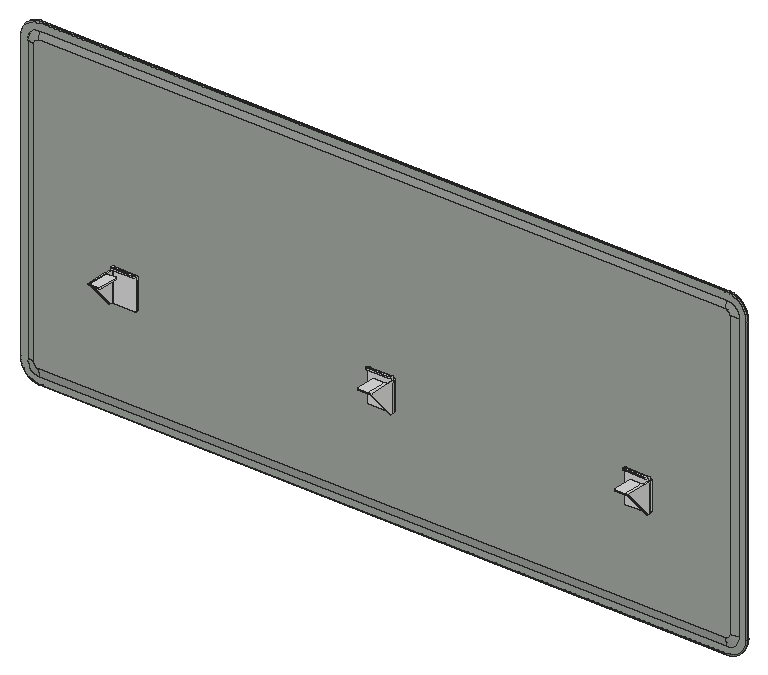
Revit family "Desk_Screens-Teknion-CQCND_Routes_Infinity_Desk_Edge_Screen-R2018", category Furniture, Revit 2018
Family settings
  OmniClass Number = 23.40.20.00
  OmniClass Title = General Furniture and Specialties
  Work Plane-Based = No
  Always vertical = Yes
  Cut with Voids When Loaded = No
  Shared = Yes
  Room Calculation Point = No
Parameters (values of type "Modesty Height, 47" Datum Height")
  Width [instance] = 72.000"
  Warranty = "http://www.teknion.com/ca/papers/legal-canada"
  Unit Weight URL = "http://www.teknion.com/ca/tools/assets#&asset=bee6a381-b954-425e-8283-5a2de3a804f2,f828d448-4b62-4231-9e5f-9a8991c0ed77"
  URL = "www.teknion.com"
  To render please download texture images found here [instance] = "https://assets.teknion.com/web/5e81352c1dfdb467/revit-material-swatches/"
  Third Bracket Visibility [instance] = not(Width = 48.000")  # yes
  Sustainability Data = "https://www.teknion.com/ca/tools/assets#&topic=216f99a5-57a0-44fc-b10a-9dee9b29ae4c&asset=444deb64-fe58-4b68-981e-f75e97781df7,b4ff2d81-9f2e-437d-9659-7cffb09c31cf"
  Series = "Routes"  # constant formula
  Screen Finish [instance] = Fabric - Teknion - S149 - Stimuli - Tactile
  Product Page URL = "https://www.teknion.com/ca/products/all-products"
  Product Line = "Routes"  # constant formula
  Product Documentation Link = "https://assets.teknion.com/m/72af4764f50e983c/original/Routes-Reference-Guide.pdf"
  Part Number = "CQCND"  # constant formula
  Modesty Base Height = 15.000"
  Model = "CQCNDM47__"
  Manufacturer Phone = "416-661-3370"  # constant formula
  Manufacturer Fax = "416.661.4586"  # constant formula
  Manufacturer Contact Information = "http://www.teknion.com/ca/contactus"
  Manufacturer Address = "1150 Flint Road, Toronto, ON. M3J 2J5. Canada"  # constant formula
  Manufacturer = "Teknion"  # constant formula
  How To Use Teknion Materials User Guide [instance] = "https://assets.teknion.com/m/205dd0a49fa58060/original/How-to-add-a-Material-Library-and-Texture-Images-to-your-Revit-project.pdf"
  Hardware Finish [instance] = Paint - Teknion - Mica - Arctic
  For Additional Finishes please visit [instance] = "https://assets.teknion.com/m/44a8009b046e5d47/original/Teknion_Materials_Library.zip"
  Description = "Routes Infinity Desk Edge Screen, Modesty Height, 47\" Datum Height"
  Datum Height = 47.000"
  Connection Node Visibility [instance] = yes
  Available Widths [instance] = "48\", 60\", and 72\""  # constant formula
  Assembly Code = "E2020200"
  Actual Width [instance] = Width - 0.500"  # 71.500"
Types (5): name | Screen Finish | Modesty Base Height | Model | Description | Datum Height
  (no name) | Fabric - Teknion - S149 - Stimuli - Tactile | 15.000" | "CQCNDM47__" | "Routes Infinity Desk Edge Screen, Modesty Height, 47\" Datum Height" | 47.000"
  Partial Modesty Height, 47" Datum Height | Fabric - Teknion - S151 - Stimuli - Euphoria | 23.000" | "CQCNDS47__" | "Routes Infinity Desk Edge Screen, Partial Modesty Height, 47\" Datum Height" | 47.000"
  Partial Modesty Height, 42" Datum Height | Fabric - Teknion - S151 - Stimuli - Euphoria | 23.000" | "CQCNDS42__" | "Routes Infinity Desk Edge Screen, Partial Modesty Height, 42\" Datum Height" | 42.000"
  Modesty Height, 42" Datum Height | Fabric - Teknion - S151 - Stimuli - Euphoria | 15.000" | "CQCNDM42__" | "Routes Infinity Desk Edge Screen, Modesty Height, 42\" Datum Height" | 42.000"
  Modesty Height, 47" Datum Height | Fabric - Teknion - S149 - Stimuli - Tactile | 15.000" | "CQCNDM47__" | "Routes Infinity Desk Edge Screen, Modesty Height, 47\" Datum Height" | 47.000"
Reference planes (in)
  plane 1 "Center Front/Back": y = 0
  plane 2: z = 0
  plane 3 "Center Left/Right": x = 0
  plane 4 "Left": x = -35.75
  plane 5 "Right": x = 35.75
  plane 6 "Back": y = 1.00013
  plane 7 "Front": y = -2.607
  plane 8 "Top": z = 47
  plane 9: z = 15
Forms (in)
  Sweep 1, void
    path origin (-19.0218, 1, 0) x (-1, 0, 0) y (0, 0, 1)
      loop
        line (14.76332, 47) -> (-52.80693, 47)
        arc (-52.80693, 47) -> (-54.19631, 46.4245) -> (-54.7718, 45.03513) r 1.96487
        line (-54.7718, 45.03513) -> (-54.7718, 16.9643)
        arc (-54.7718, 16.9643) -> (-54.19647, 15.57533) -> (-52.8075, 15) r 1.9643
        line (-52.8075, 15) -> (14.76389, 15)
        arc (14.76389, 15) -> (16.15286, 15.57533) -> (16.7282, 16.9643) r 1.9643
        line (16.7282, 16.9643) -> (16.7282, 45.03513)
        arc (16.7282, 45.03513) -> (16.1527, 46.4245) -> (14.76332, 47) r 1.96487
    profile origin (0, 1, 47) x (0, 0, -1) y (0, 1, 0)
      loop
        line (0.06135, -0.122) -> (0.75035, -0.122) -> (1.50035, 0) -> (1.50035, 0.1) -> (-0.958, 0.1) -> (-0.958, -0.592) -> (1.50035, -0.592) -> (1.50035, -0.492) -> (0.75035, -0.366) -> (0.06135, -0.366)
        arc (0.06135, -0.366) -> (0.00035, -0.305) -> (0.06135, -0.244) r 0.061
        arc (0.06135, -0.244) -> (0.00035, -0.183) -> (0.06135, -0.122) r 0.061
  Sweep 2, solid, material "Fabric - Teknion - S149 - Stimuli - Tactile" <- "Screen Finish"
    path origin (-19.0218, -9.14874, 0) x (1, 0, 0) y (0, 1, 0)
      loop
        line (19.0218, 10.14874) -> (19.0218, 9.65674)
    profile origin (0, 0.754, 0) x (1, 0, 0) y (0, 0, 1)
      loop
        line (33.78513, 47) -> (-33.78513, 47)
        arc (-33.78513, 47) -> (-35.1745, 46.4245) -> (-35.75, 45.03513) r 1.96487
        line (-35.75, 45.03513) -> (-35.75, 16.9643)
        arc (-35.75, 16.9643) -> (-35.17467, 15.57533) -> (-33.7857, 15) r 1.9643
        line (-33.7857, 15) -> (33.7857, 15)
        arc (33.7857, 15) -> (35.17467, 15.57533) -> (35.75, 16.9643) r 1.9643
        line (35.75, 16.9643) -> (35.75, 45.03513)
        arc (35.75, 45.03513) -> (35.1745, 46.4245) -> (33.78513, 47) r 1.96487
Cuts and joins
  Sweep 1 cuts Sweep 2
Lines and regions (in)
  Masking region 1
    outline origin (0, 0, 0) x (1, 0, 0) y (0, 1, 0)
      loop
        line (-34.24965, 1) -> (-34.99965, 0.878) -> (34.99965, 0.878) -> (34.24965, 1) -> (-34.24965, 1)
      loop
        line (-34.24965, 0.512) -> (34.24965, 0.512) -> (34.99965, 0.634) -> (-34.99965, 0.634) -> (-34.24965, 0.512)
  Masking region 2
    outline origin (0, 0, 0) x (1, 0, 0) y (0, 1, 0)
      loop
        arc (-35.68865, 0.756) -> (-35.74965, 0.695) -> (-35.68865, 0.634) r 0.061
        line (-35.68865, 0.634) -> (35.68865, 0.634)
        arc (35.68865, 0.634) -> (35.74965, 0.695) -> (35.68865, 0.756) r 0.061
        line (35.68865, 0.756) -> (-35.68865, 0.756)
  Masking region 3
    outline origin (0, 0.122, 0) x (1, 0, 0) y (0, 1, 0)
      loop
        arc (-35.68865, 0.756) -> (-35.74965, 0.695) -> (-35.68865, 0.634) r 0.061
        line (-35.68865, 0.634) -> (35.68865, 0.634)
        arc (35.68865, 0.634) -> (35.74965, 0.695) -> (35.68865, 0.756) r 0.061
        line (35.68865, 0.756) -> (-35.68865, 0.756)
  reference lines
    curve 1: line (-35.75, 1.00013, 0) -> (-35.75, -2.607, 0)
    curve 2: line (35.75, 1.00013, 0) -> (35.75, -2.607, 0)
Dimensions and locks (in)
  "Actual Width": plane 4 "Left" to plane 5 "Right"
  plane 6 "Back" to plane 7 "Front" = 3.60713"
  "Datum Height": plane 8 "Top" to level
  equal spacing: plane 4 "Left", plane 3 "Center Left/Right", plane 5 "Right"
  plane 7 "Front" to plane 1 "Center Front/Back" to plane 6 "Back" = 2.607" locked, 1.00013"
  "Modesty Base Height": plane 9 to level
  nested 1 to nested 2 to nested 3 to level = 0.000" locked, 0.000", 28.250" locked
  plane 1 "Center Front/Back" to nested 1 to nested 2 to nested 3 = 0.000" locked, 0.000" locked, 0.000"
  locked: plane 4 "Left" to nested 1 at 9.233
  locked: nested 3 to plane 5 "Right" at 9.233
  plane 6 "Back" to Sweep 2 sketch curve to Sweep 2 sketch curve = 0.00013", 0.492"
  Sweep 1 sketch curve to profile plane to Sweep 1 sketch curve to Sweep 1 sketch curve to Sweep 1 sketch curve to Sweep 1 sketch curve to Sweep 1 sketch curve to Sweep 1 sketch curve = 0.958" locked, 0.06135" locked, 0.000" locked, 0.689" locked, 0.000" locked, 0.750" locked, 0.000" locked
  Sweep 1 sketch curve to profile plane to Sweep 1 sketch curve to Sweep 1 sketch curve to Sweep 1 sketch curve to Sweep 1 sketch curve to Sweep 1 sketch curve to Sweep 1 sketch curve to Sweep 1 sketch curve = 0.100" locked, 0.000" locked, 0.122" locked, 0.061" locked, 0.122" locked, 0.061" locked, 0.126" locked, 0.100" locked
  locked: Masking region 1 sketch curve to Masking region 1 sketch curve at 0.75  (x2)
  plane 4 "Left" to Masking region 1 sketch curve to Masking region 1 sketch curve to Masking region 1 sketch curve to Masking region 1 sketch curve = 0.75035" locked, 0.000" locked, 0.750" locked, 0.000" locked
  Masking region 1 sketch curve to Masking region 1 sketch curve to Masking region 1 sketch curve to Masking region 1 sketch curve to plane 5 "Right" = 0.000" locked, 0.750" locked, 0.000" locked, 0.75035" locked
  plane 1 "Center Front/Back" to Masking region 1 sketch curve to Masking region 1 sketch curve to Masking region 1 sketch curve to Masking region 1 sketch curve = 0.512" locked, 0.122" locked, 0.244" locked, 0.122" locked
  plane 6 "Back" to Masking region 2 sketch curve to Masking region 2 sketch curve = 0.24413" locked, 0.122" locked
  locked: plane 4 "Left" to Masking region 2 sketch curve at 0.06135
  locked: Masking region 2 sketch curve to plane 5 "Right" at 0.06135
  plane 6 "Back" to Masking region 3 sketch curve to Masking region 3 sketch curve = 0.12213" locked, 0.122" locked
  locked: plane 4 "Left" to Masking region 3 sketch curve at 0.06135
  locked: Masking region 3 sketch curve to plane 5 "Right" at 0.06135
  aligned and locked: level to plane 2
  aligned and locked: nested 2 to plane 3 "Center Left/Right"
  aligned and locked: plane 1 "Center Front/Back" to nested 4
  aligned and locked: plane 3 "Center Left/Right" to nested 4
  aligned and locked: curve 1 to plane 4 "Left"
  aligned and locked: curve 2 to plane 5 "Right"
  aligned and locked: Sweep 2 sketch curve to plane 3 "Center Left/Right"
  aligned and locked: plane 8 "Top" to Sweep 2 sketch curve
  aligned and locked: plane 5 "Right" to Sweep 2 sketch curve
  aligned and locked: Sweep 2 sketch curve to plane 4 "Left"
  aligned and locked: Sweep 2 sketch curve to plane 9
  aligned and locked: plane 8 "Top" to Sweep 1 sketch curve
  aligned and locked: Sweep 1 sketch curve to plane 5 "Right"
  aligned and locked: plane 4 "Left" to Sweep 1 sketch curve
  aligned and locked: Sweep 1 sketch curve to plane 9
Automatic sketch dimensions
  plane 7 "Front" to curve 1 = 0.000"
  plane 7 "Front" to curve 2 = 0.000"
  curve 2 to plane 6 "Back" = 0.000"
  curve 1 to plane 6 "Back" = 0.000"
  Sweep 1 sketch curve to Sweep 1 sketch curve = 1.9643"
  plane 5 "Right" to Sweep 1 sketch curve = 1.96487"
  plane 4 "Left" to Sweep 1 sketch curve = 1.96487"
  plane 4 "Left" to Sweep 1 sketch curve = 1.9643"
  Sweep 2 sketch curve to Sweep 2 sketch curve = 1.9643"  (x2)
  Sweep 2 sketch curve to Sweep 2 sketch curve = 1.96487"  (x2)
Nested families (in)
  nested 1: "Accessories-Teknion-Routes_Hardware-R2018" at (-25.267, 0, 25), Hardware Finish <- "Hardware Finish", type "Desk Edge Screen Hardware"
    with To render please download texture images found here "https://assets.teknion.com/web/5e81352c1dfdb467/revit-material-swatches/", How To Use Teknion Materials User Guide "https://assets.teknion.com/m/205dd0a49fa58060/original/How-to-add-a-Material-Library-and-Texture-Images-to-your-Revit-project.pdf", Hardware Finish Paint - Teknion - Mica - Arctic, For Additional Finishes please visit "https://assets.teknion.com/m/44a8009b046e5d47/original/Teknion_Materials_Library.zip"
  nested 2: "Accessories-Teknion-Routes_Hardware-R2018" at (0, 0, 25) x (-1, 0, 0) z (0, 0, 1), Hardware Finish <- "Hardware Finish", visible <- "Third Bracket Visibility", type "Desk Edge Screen Hardware"
    with To render please download texture images found here "https://assets.teknion.com/web/5e81352c1dfdb467/revit-material-swatches/", How To Use Teknion Materials User Guide "https://assets.teknion.com/m/205dd0a49fa58060/original/How-to-add-a-Material-Library-and-Texture-Images-to-your-Revit-project.pdf", Hardware Finish Paint - Teknion - Mica - Arctic, For Additional Finishes please visit "https://assets.teknion.com/m/44a8009b046e5d47/original/Teknion_Materials_Library.zip"
  nested 3: "Accessories-Teknion-Routes_Hardware-R2018" at (25.267, 0, 25) x (-1, 0, 0) z (0, 0, 1), Hardware Finish <- "Hardware Finish", type "Desk Edge Screen Hardware"
    with To render please download texture images found here "https://assets.teknion.com/web/5e81352c1dfdb467/revit-material-swatches/", How To Use Teknion Materials User Guide "https://assets.teknion.com/m/205dd0a49fa58060/original/How-to-add-a-Material-Library-and-Texture-Images-to-your-Revit-project.pdf", Hardware Finish Paint - Teknion - Mica - Arctic, For Additional Finishes please visit "https://assets.teknion.com/m/44a8009b046e5d47/original/Teknion_Materials_Library.zip"
  nested 4: "Teknion_2D_Node_Family-R2016" at (0, 0, 0), visible <- "Connection Node Visibility", type "Teknion_2D_Node_Family-R2016"
Definition of nested family "Accessories-Teknion-Routes_Hardware-R2018"
  Parameters (values of type "Desk Edge Screen Hardware")
    Warranty = "http://www.teknion.com/ca/papers/legal-canada"
    Unit Weight URL = "http://www.teknion.com/ca/tools/assets#&asset=bee6a381-b954-425e-8283-5a2de3a804f2,f828d448-4b62-4231-9e5f-9a8991c0ed77"
    URL = "www.teknion.com"
    To render please download texture images found here [instance] = "https://assets.teknion.com/web/5e81352c1dfdb467/revit-material-swatches/"
    Sustainability Data = "https://www.teknion.com/ca/tools/assets#&topic=216f99a5-57a0-44fc-b10a-9dee9b29ae4c&asset=444deb64-fe58-4b68-981e-f75e97781df7,b4ff2d81-9f2e-437d-9659-7cffb09c31cf"
    Series = "Routes"  # constant formula
    Product Page URL = "https://www.teknion.com/ca/products/all-products"
    Product Line = "Routes"  # constant formula
    Model = "Routes Desk Screen Hardware"
    Manufacturer Phone = "416-661-3370"  # constant formula
    Manufacturer Fax = "416.661.4586"  # constant formula
    Manufacturer Contact Information = "http://www.teknion.com/ca/contactus"
    Manufacturer Address = "1150 Flint Road, Toronto, ON. M3J 2J5. Canada"  # constant formula
    Manufacturer = "Teknion"  # constant formula
    How To Use Teknion Materials User Guide [instance] = "https://assets.teknion.com/m/205dd0a49fa58060/original/How-to-add-a-Material-Library-and-Texture-Images-to-your-Revit-project.pdf"
    Hardware Finish [instance] = none
    For Additional Finishes please visit [instance] = "https://assets.teknion.com/m/44a8009b046e5d47/original/Teknion_Materials_Library.zip"
    Description = "Routes Desk Screen Hardware"
    Assembly Code = "E2020200"
  Reference planes (in)
    plane 1 "Center Front/Back": y = 0
    plane 2: z = 0
    plane 3 "Center Left/Right": x = 0
    plane 4 "Left": x = -1.25
    plane 5 "Right": x = 1.25
    plane 6 "Back": y = 0.508
    plane 7 "Front": y = -2.607
    plane 8 "Top": z = 3.25
  Forms (in)
    Sweep 1, solid, material <- "Hardware Finish"
      path origin (0, 0, 0) x (1, 0, 0) y (0, 1, 0)
        loop
          line (0, 0.508) -> (0, 0.403)
      profile origin (0, 0.4555, 0) x (1, 0, 0) y (0, 0, 1)
        loop
          line (1.125, 3) -> (-1.125, 3)
          arc (-1.125, 3) -> (-1.21339, 2.96339) -> (-1.25, 2.875) r 0.125
          line (-1.25, 2.875) -> (-1.25, 0.125)
          arc (-1.25, 0.125) -> (-1.21339, 0.03661) -> (-1.125, 0) r 0.125
          line (-1.125, 0) -> (1.125, 0)
          arc (1.125, 0) -> (1.21339, 0.03661) -> (1.25, 0.125) r 0.125
          line (1.25, 0.125) -> (1.25, 2.875)
          arc (1.25, 2.875) -> (1.21339, 2.96339) -> (1.125, 3) r 0.125
    Sweep 2, solid, material <- "Hardware Finish"
      path origin (0, 0, 0) x (1, 0, 0) y (0, 0, 1)
        loop
          line (0, 0) -> (0, 2.865)
      profile origin (0, 0, 1.4325) x (-1, 0, 0) y (0, -1, 0)
        loop
          line (1.115, -0.298) -> (-1.25, -0.298) -> (-1.25, -0.403) -> (1.115, -0.403)
          arc (1.115, -0.403) -> (1.21046, -0.36346) -> (1.25, -0.268) r 0.135
          line (1.25, -0.268) -> (1.25, 2.607) -> (1.145, 2.607) -> (1.145, -0.268)
          arc (1.145, -0.268) -> (1.13621, -0.28921) -> (1.115, -0.298) r 0.03
    Sweep 3, solid, material <- "Hardware Finish"
      path origin (0, 0, 0) x (1, 0, 0) y (0, 1, 0)
        loop
          line (0, -0.567) -> (0, -2.607)
      profile origin (0, -1.587, 0) x (1, 0, 0) y (0, 0, 1)
        loop
          line (0, 2.895) -> (0, 3) -> (-1.115, 3)
          arc (-1.115, 3) -> (-1.21046, 2.96046) -> (-1.25, 2.865) r 0.135
          line (-1.25, 2.865) -> (-1.145, 2.865)
          arc (-1.145, 2.865) -> (-1.13621, 2.88621) -> (-1.115, 2.895) r 0.03
          line (-1.115, 2.895) -> (0, 2.895)
    Sweep 4, solid, material <- "Hardware Finish"
      path origin (0, 0, 0) x (1, 0, 0) y (0, 1, 0)
        loop
          line (-1.115, 0) -> (1.25, 0)
      profile origin (0.0675, 0, 0) x (0, 1, 0) y (0, 0, 1)
        loop
          line (0.403, 2.865) -> (0.403, 3.115)
          arc (0.403, 3.115) -> (0.36346, 3.21046) -> (0.268, 3.25) r 0.135
          line (0.268, 3.25) -> (0, 3.25) -> (0, 3.145) -> (0.268, 3.145)
          arc (0.268, 3.145) -> (0.28921, 3.13621) -> (0.298, 3.115) r 0.03
          line (0.298, 3.115) -> (0.298, 2.865) -> (0.403, 2.865)
    Sweep 5, void
      path origin (0, 0, 0) x (1, 0, 0) y (0, 1, 0)
        loop
          line (-1.25, 0) -> (-1.115, 0)
      profile origin (-1.1825, 0, 0) x (0, 1, 0) y (0, 0, 1)
        loop
          line (-2.607, 3) -> (-2.607, 0) -> (0.028, 0) -> (-2.607, 3)
    Sweep 6, void
      path origin (0, 0, 0) x (1, 0, 0) y (0, 1, 0)
        loop
          line (0, 0.298) -> (0, 0.403)
      profile origin (0, 0.3505, 0) x (-1, 0, 0) y (0, 0, 1)
        loop
          line (-1.25, 0.125) -> (-1.25, 0) -> (-1.125, 0)
          arc (-1.125, 0) -> (-1.21339, 0.03661) -> (-1.25, 0.125) r 0.125
    Sweep 7, void
      path origin (0, 0, 0) x (1, 0, 0) y (0, 0, 1)
        loop
          line (0, 3.25) -> (0, 2.895)
      profile origin (0, 0, 3.0725) x (0, -1, 0) y (1, 0, 0)
        loop
          line (0, -1.115) -> (0, -0.99)
          arc (0, -0.99) -> (-0.03661, -1.07839) -> (-0.125, -1.115) r 0.125
          line (-0.125, -1.115) -> (0, -1.115)
        loop
          line (0, 1.125) -> (0, 1.25) -> (-0.125, 1.25)
          arc (-0.125, 1.25) -> (-0.03661, 1.21339) -> (0, 1.125) r 0.125
        loop
          line (2.607, 0) -> (2.482, 0)
          arc (2.482, 0) -> (2.57039, -0.03661) -> (2.607, -0.125) r 0.125
          line (2.607, -0.125) -> (2.607, 0)
        loop
          line (0.692, 0) -> (0.567, 0) -> (0.567, -0.125)
          arc (0.567, -0.125) -> (0.60361, -0.03661) -> (0.692, 0) r 0.125
  Cuts and joins
    Sweep 5, Sweep 6 cuts Sweep 2
    Sweep 5, Sweep 7 cuts Sweep 3
    Sweep 7 cuts Sweep 4
    joined: Sweep 2, Sweep 3, Sweep 4
  Lines and regions (in)
    symbolic lines, detail levels medium+fine
      curve 1: line (-1.25, 0.508, 0) -> (1.25, 0.508, 0)
      curve 2: line (-1.25, 0.403, 0) -> (1.25, 0.403, 0)
      curve 3: line (-0.99, 0, 0) -> (1.125, 0, 0)
      curve 4: arc (1.125, 0, 0) -> (1.21339, 0.03661, 0) -> (1.25, 0.125, 0) r 0.125
      curve 5: line (1.25, 0.125, 0) -> (1.25, 0.508, 0)
      curve 6: line (-1.115, 0.403, 0) -> (-1.115, 0.125, 0)
      curve 7: arc (-1.115, 0.125, 0) -> (-1.07839, 0.03661, 0) -> (-0.99, 0, 0) r 0.125
      curve 8: line (-1.25, -0.567, 0) -> (-0.125, -0.567, 0)
      curve 9: line (0, -2.482, 0) -> (0, -0.692, 0)
      curve 10: arc (-0.125, -0.567, 0) -> (-0.03661, -0.60361, 0) -> (0, -0.692, 0) r 0.125
      curve 11: line (-1.12603, -2.607, 0) -> (-0.125, -2.607, 0)
      curve 12: arc (0, -2.482, 0) -> (-0.03661, -2.57039, 0) -> (-0.125, -2.607, 0) r 0.125
      curve 13: line (-1.25, 0.268, 0) -> (-1.25, -2.48842, 0)
      curve 14: spline (-1.24771, -2.48862, 0) -> (-1.24911, -2.50162, 0) -> (-1.24812, -2.51464, 0) -> (-1.24474, -2.52748, 0) -> (-1.23904, -2.53996, 0) -> (-1.23109, -2.55189, 0) -> (-1.22102, -2.5631, 0) -> (-1.20896, -2.57342, 0) -> (-1.1951, -2.58271, 0) -> (-1.17964, -2.59081, 0) -> (-1.16281, -2.59763, 0) -> (-1.14485, -2.60305, 0) -> (-1.12603, -2.607, 0)
      curve 15: arc (-1.25, 0.268, 0) -> (-1.21046, 0.36346, 0) -> (-1.115, 0.403, 0) r 0.135
      curve 16: line (-1.145, -2.48842, 0) -> (-1.145, 0.268, 0)
      curve 17: arc (-1.115, 0.298, 0) -> (-1.13621, 0.28921, 0) -> (-1.145, 0.268, 0) r 0.03
      curve 18: line (-1.115, 0.298, 0) -> (1.25, 0.298, 0)
      curve 19: line (-1.25, 0.403, 0) -> (-1.25, 0.508, 0)
  Dimensions and locks (in)
    locked: plane 4 "Left" to plane 5 "Right" at 2.5
    locked: plane 6 "Back" to plane 7 "Front" at 3.115
    locked: plane 8 "Top" to level at 3.25
    equal spacing: plane 4 "Left", plane 3 "Center Left/Right", plane 5 "Right"
    plane 6 "Back" to plane 1 "Center Front/Back" to plane 7 "Front" = 0.508" locked, 2.607" locked
    locked: plane 6 "Back" to Sweep 1 sketch curve at 0.105
    aligned and locked: level to plane 2
    aligned and locked: plane 6 "Back" to Sweep 1 sketch curve
    aligned and locked: Sweep 1 sketch curve to plane 3 "Center Left/Right"
    aligned and locked: curve 1 to Sweep 1
    aligned and locked: curve 2 to Sweep 1
    aligned and locked: curve 4 to cut or joined group of Sweep 2, Sweep 3, Sweep 4, Sweep 5, Sweep 6, Sweep 7
    aligned and locked: curve 6 to cut or joined group of Sweep 2, Sweep 3, Sweep 4, Sweep 5, Sweep 6, Sweep 7
    aligned and locked: curve 7 to cut or joined group of Sweep 2, Sweep 3, Sweep 4, Sweep 5, Sweep 6, Sweep 7
    aligned and locked: curve 8 to cut or joined group of Sweep 2, Sweep 3, Sweep 4, Sweep 5, Sweep 6, Sweep 7
    aligned and locked: curve 10 to cut or joined group of Sweep 2, Sweep 3, Sweep 4, Sweep 5, Sweep 6, Sweep 7
    aligned and locked: curve 11 to cut or joined group of Sweep 2, Sweep 3, Sweep 4, Sweep 5, Sweep 6, Sweep 7
    aligned and locked: curve 12 to cut or joined group of Sweep 2, Sweep 3, Sweep 4, Sweep 5, Sweep 6, Sweep 7
    aligned and locked: curve 15 to cut or joined group of Sweep 2, Sweep 3, Sweep 4, Sweep 5, Sweep 6, Sweep 7
    aligned and locked: curve 16 to cut or joined group of Sweep 2, Sweep 3, Sweep 4, Sweep 5, Sweep 6, Sweep 7
    aligned and locked: curve 17 to cut or joined group of Sweep 2, Sweep 3, Sweep 4, Sweep 5, Sweep 6, Sweep 7
    aligned and locked: plane 4 "Left" to curve 19
  Automatic sketch dimensions
    Sweep 1 sketch curve to level = 0.000"
    profile plane to Sweep 1 sketch curve = 1.250"
    Sweep 1 sketch curve to Sweep 1 sketch curve = 0.125"  (x3)
    Sweep 1 sketch curve to profile plane = 1.125"  (x2)
    Sweep 1 sketch curve to Sweep 1 sketch curve = 2.750"
    Sweep 2 sketch curve to plane 3 "Center Left/Right" = 0.000"
    Sweep 2 sketch curve to level = 0.000"
    Sweep 2 sketch curve to plane 8 "Top" = 0.385"
    Sweep 2 sketch curve to Sweep 2 sketch curve = 0.000"  (x3)
    Sweep 2 sketch curve to plane 1 "Center Front/Back" = 0.298"
    Sweep 2 sketch curve to profile plane = 1.115"
    Sweep 2 sketch curve to Sweep 2 sketch curve = 0.105"
    plane 1 "Center Front/Back" to Sweep 2 sketch curve = 2.607"
    profile plane to Sweep 2 sketch curve = 1.250"
    Sweep 2 sketch curve to profile plane = 1.145"
    plane 7 "Front" to Sweep 3 sketch curve = 0.000"
    Sweep 3 sketch curve to plane 3 "Center Left/Right" = 0.000"
    plane 1 "Center Front/Back" to Sweep 3 sketch curve = 0.567"
    Sweep 3 sketch curve to Sweep 3 sketch curve = 0.000"
    profile plane to Sweep 3 sketch curve = 0.000"
    profile plane to Sweep 3 sketch curve = 1.115"
    level to Sweep 3 sketch curve = 2.865"
    Sweep 3 sketch curve to Sweep 3 sketch curve = 0.105"
    Sweep 3 sketch curve to Sweep 3 sketch curve = 0.030"
    Sweep 4 sketch curve to plane 5 "Right" = 0.000"
    Sweep 4 sketch curve to plane 1 "Center Front/Back" = 0.000"
    plane 4 "Left" to Sweep 4 sketch curve = 0.135"
    Sweep 4 sketch curve to profile plane = 0.000"
    Sweep 4 sketch curve to profile plane = 0.268"
    Sweep 4 sketch curve to Sweep 4 sketch curve = 0.030"
    Sweep 4 sketch curve to Sweep 4 sketch curve = 0.105"
    level to Sweep 4 sketch curve = 2.865"
    Sweep 4 sketch curve to Sweep 4 sketch curve = 0.250"
    Sweep 4 sketch curve to Sweep 4 sketch curve = 0.000"  (x2)
    plane 1 "Center Front/Back" to Sweep 5 sketch curve = 0.000"
    Sweep 5 sketch curve to plane 4 "Left" = 0.000"
    plane 4 "Left" to Sweep 5 sketch curve = 0.135"
    Sweep 5 sketch curve to level = 0.000"
    profile plane to Sweep 5 sketch curve = 2.607"
    Sweep 5 sketch curve to profile plane = 0.028"
    level to Sweep 5 sketch curve = 3.000"
    Sweep 6 sketch curve to plane 3 "Center Left/Right" = 0.000"
    Sweep 6 sketch curve to plane 6 "Back" = 0.210"
    Sweep 6 sketch curve to Sweep 6 sketch curve = 0.105"
    level to Sweep 6 sketch curve = 0.125"
    profile plane to Sweep 6 sketch curve = 1.125"  (x2)
    Sweep 6 sketch curve to level = 0.000"  (x2)
    Sweep 6 sketch curve to Sweep 6 sketch curve = 0.000"  (x2)
    Sweep 7 sketch curve to plane 3 "Center Left/Right" = 0.000"
    Sweep 7 sketch curve to plane 8 "Top" = 0.000"
    Sweep 7 sketch curve to Sweep 7 sketch curve = 0.355"
    Sweep 7 sketch curve to Sweep 7 sketch curve = 0.125"  (x4)
    Sweep 7 sketch curve to Sweep 7 sketch curve = 0.000"  (x7)
    Sweep 7 sketch curve to profile plane = 1.125"
    plane 1 "Center Front/Back" to Sweep 7 sketch curve = 0.567"
    profile plane to Sweep 7 sketch curve = 0.125"  (x2)
    Sweep 7 sketch curve to Sweep 7 sketch curve = 1.915"
    Sweep 7 sketch curve to Sweep 7 sketch curve = 0.865"
    plane 1 "Center Front/Back" to Sweep 7 sketch curve = 0.000"  (x4)
    Sweep 7 sketch curve to plane 1 "Center Front/Back" = 0.125"
    Sweep 7 sketch curve to profile plane = 0.000"  (x4)
    profile plane to Sweep 7 sketch curve = 0.990"
    Sweep 7 sketch curve to Sweep 7 sketch curve = 1.790"
    curve 16 to curve 11 = 0.01897"
    plane 4 "Left" to curve 14 = 0.00088"
    plane 4 "Left" to curve 14 = 0.00229"
    curve 16 to curve 14 = 0.05884"
    curve 14 to plane 7 "Front" = 0.10427"
    curve 14 to curve 16 = 0.0143"
    curve 14 to curve 13 = 0.0002"
    curve 18 to curve 17 = 0.000"
Definition of nested family "Teknion_2D_Node_Family-R2016"
  Reference planes (in)
    plane 1 "Center (Front/Back)": y = 0
    plane 2: z = 0
    plane 3 "Center (Left/Right)": x = 0
  Lines and regions (in)
    detail lines, in view "Ref. Level"
      curve 1: circle (0, 0, 0) r 1.25 normal (0, 0, 1)
      curve 2: line (1.91508, -1.91508, 0) -> (-1.91508, 1.91508, 0)
      curve 3: line (-1.91508, -1.91508, 0) -> (1.91508, 1.91508, 0)
